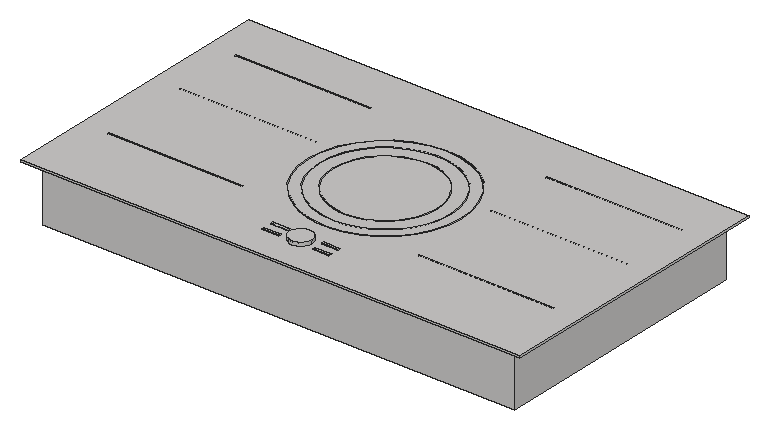
Revit family "CI292602", category Generic Models, Revit 2015
Parameters (values of type "CI292602")
  Width = 908 mm
  URL = "http://www.gaggenau.com."
  Model = "CI292602"
  Manufacturer = "Gaggenau"
  Height = 105 mm
  Unit = Metal Panel
  Description = "Gaggenau 200 Series Flex Induction Cooktop 36\" Frameless"
  Depth = 520 mm
Reference planes
  plane 1 "Center (Front/Back)": y = 0
  plane 2: z = 0
  plane 3 "Center (Left/Right)": x = 0
  plane 4: x = -454
  plane 5: x = 454
  plane 6: y = 260
  plane 7: y = -260
  plane 8: z = 105
  plane 9: z = 102
Forms (mm)
  Extrusion 1, solid, material "Metal Panel" <- "Unit"
    sketch origin (0, 0, 0) x (1, 0, 0) y (0, 1, 0)
      loop
        line (-454, 260) -> (-454, -260) -> (454, -260) -> (454, 260) -> (-454, 260)
      loop
        circle (2.032, 0) r 140
      loop
        circle (2.032, 0) r 138.384
      loop
        circle (2.032, 0) r 95
      loop
        circle (2.032, 0) r 93.773
      loop
        circle (2.032, 0) r 120
      loop
        circle (2.032, 0) r 118.851
      loop
        line (-405.255, 169.194) -> (-405.255, 167.404) -> (-160.255, 167.404) -> (-160.255, 169.194) -> (-405.255, 169.194)
      loop
        line (-405.255, 44.194) -> (-405.255, 42.404) -> (-160.255, 42.404) -> (-160.255, 44.194) -> (-405.255, 44.194)
      loop
        line (-405.255, -120.806) -> (-405.255, -122.596) -> (-160.255, -122.596) -> (-160.255, -120.806) -> (-405.255, -120.806)
      loop
        line (405.255, 169.194) -> (160.255, 169.194) -> (160.255, 167.404) -> (405.255, 167.404) -> (405.255, 169.194)
      loop
        line (405.255, 44.194) -> (160.255, 44.194) -> (160.255, 42.404) -> (405.255, 42.404) -> (405.255, 44.194)
      loop
        line (405.255, -120.806) -> (160.255, -120.806) -> (160.255, -122.596) -> (405.255, -122.596) -> (405.255, -120.806)
    from 102 to 105
  Extrusion 2, solid, material "Metal Panel" <- "Unit"
    sketch origin (0, 0, 0) x (1, 0, 0) y (0, 1, 0)
      loop
        line (-429, 240) -> (-429, -240) -> (429, -240) -> (429, 240) -> (-429, 240)
    from 0 to 102
  Extrusion 3, solid, material "Metal Panel" <- "Unit"
    sketch origin (0, 0, 0) x (1, 0, 0) y (0, 1, 0)
      loop
        circle (0, -189.655) r 20
    from 105 to 110.746
  Extrusion 4, solid, material "Metal Panel" <- "Unit"
    sketch origin (0, 0, 0) x (1, 0, 0) y (0, 1, 0)
      loop
        line (-61.165, -176.936) -> (-61.165, -181.936) -> (-31.165, -181.936) -> (-31.165, -176.936) -> (-61.165, -176.936)
      loop
        line (-61.165, -196.936) -> (-61.165, -201.936) -> (-31.165, -201.936) -> (-31.165, -196.936) -> (-61.165, -196.936)
      loop
        line (61.165, -176.936) -> (31.165, -176.936) -> (31.165, -181.936) -> (61.165, -181.936) -> (61.165, -176.936)
      loop
        line (61.165, -196.936) -> (31.165, -196.936) -> (31.165, -201.936) -> (61.165, -201.936) -> (61.165, -196.936)
    from 105 to 105.685
Dimensions and locks
  equal spacing: plane 4, plane 3 "Center (Left/Right)", plane 5
  equal spacing: plane 6, plane 1 "Center (Front/Back)", plane 7
  "Width": plane 4 to plane 5
  "Depth": plane 6 to plane 7
  "Height": plane 8 to plane 2
  plane 8 to plane 9 = 3 mm
  aligned and locked: level to plane 2
Automatic sketch dimensions
  plane 4 to Extrusion 2 sketch curve = 25 mm
  plane 5 to Extrusion 2 sketch curve = 25 mm
  Extrusion 2 sketch curve to plane 7 = 20 mm
  Extrusion 2 sketch curve to plane 6 = 20 mm
  Extrusion 3 sketch curve to plane 3 "Center (Left/Right)" = 0 mm
  Extrusion 4 sketch curve to plane 3 "Center (Left/Right)" = 31.165 mm
  Extrusion 4 sketch curve to Extrusion 4 sketch curve = 0 mm  (x4)
  Extrusion 4 sketch curve to Extrusion 4 sketch curve = 30 mm  (x2)
  plane 3 "Center (Left/Right)" to Extrusion 4 sketch curve = 31.165 mm
  Extrusion 4 sketch curve to plane 7 = 58.064 mm  (x2)
  Extrusion 4 sketch curve to Extrusion 4 sketch curve = 5 mm  (x4)
  Extrusion 4 sketch curve to Extrusion 4 sketch curve = 15 mm  (x2)
  Extrusion 3 sketch curve to plane 7 = 70.345 mm
  Extrusion 1 sketch curve to Extrusion 1 sketch curve = 0 mm  (x32)
  Extrusion 1 sketch curve to plane 4 = 0 mm
  plane 1 "Center (Front/Back)" to Extrusion 1 sketch curve = 0 mm
  Extrusion 1 sketch curve to plane 5 = 0 mm
  plane 7 to Extrusion 1 sketch curve = 0 mm
  Extrusion 1 sketch curve to plane 6 = 0 mm
  plane 4 to Extrusion 1 sketch curve = 48.745 mm  (x3)
  Extrusion 1 sketch curve to plane 1 "Center (Front/Back)" = 44.194 mm
  Extrusion 1 sketch curve to plane 3 "Center (Left/Right)" = 160.255 mm  (x2)
  plane 3 "Center (Left/Right)" to Extrusion 1 sketch curve = 2.032 mm
  plane 3 "Center (Left/Right)" to Extrusion 1 sketch curve = 160.255 mm  (x2)
  Extrusion 1 sketch curve to plane 1 "Center (Front/Back)" = 42.404 mm
  plane 5 to Extrusion 1 sketch curve = 48.745 mm  (x3)
  plane 1 "Center (Front/Back)" to Extrusion 1 sketch curve = 122.596 mm  (x2)
  Extrusion 1 sketch curve to Extrusion 1 sketch curve = 1.79 mm  (x6)
  Extrusion 1 sketch curve to plane 6 = 92.596 mm  (x2)
  radius of Extrusion 3 sketch curve = 20 mm
  radius of Extrusion 1 sketch curve = 140 mm
  radius of Extrusion 1 sketch curve = 138.384 mm
  radius of Extrusion 1 sketch curve = 95 mm
  radius of Extrusion 1 sketch curve = 93.773 mm
  radius of Extrusion 1 sketch curve = 120 mm
  radius of Extrusion 1 sketch curve = 118.851 mm
